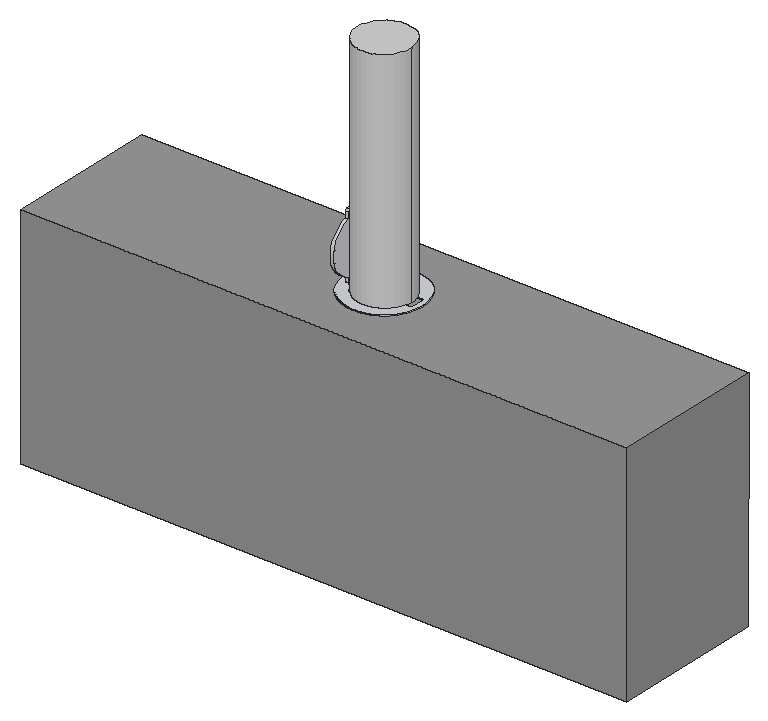
Revit family "Bollard-1_800_Bollards-Low_Speed-Padlock_Removable-CS3", category Site, Revit 2017 (continued)
Definition of nested family "Nested-1_800_Bollards-Low_Speed-Mounting_Detail_Top"
  Dimensions and locks (in)
    plane 1 "Top" to Masking region 13 sketch curve to Masking region 13 sketch curve to Masking region 13 sketch curve to Masking region 13 sketch curve to Masking region 13 sketch curve to Masking region 13 sketch curve to Masking region 13 sketch curve to Masking region 13 sketch curve = 0' - 3.23777" locked, 0' - 0.00835" locked, 0' - 0.45102" locked, 0' - 0.00272" locked, 0' - 9.70087" locked, 0' - 0.37509" locked, 0' - 2.72418" locked, 0' - 0.49957" locked
    plane 1 "Top" to Masking region 14 sketch curve to Masking region 14 sketch curve to Masking region 14 sketch curve to Masking region 14 sketch curve to Masking region 14 sketch curve to Masking region 14 sketch curve to Masking region 14 sketch curve to Masking region 14 sketch curve = 0' - 3.21796" locked, 0' - 0.00423" locked, 0' - 0.47297" locked, 0' - 0.00487" locked, 0' - 10.68622" locked, 0' - 0.38702" locked, 0' - 2.73014" locked, 0' - 0.49943" locked
    Masking region 14 sketch curve to Masking region 14 sketch curve to Masking region 14 sketch curve to Masking region 14 sketch curve to plane 3 "Center (Left/Right)" to Masking region 14 sketch curve to Masking region 14 sketch curve to Masking region 14 sketch curve to Masking region 14 sketch curve = 0' - 0.18398" locked, 2' - 4.2611" locked, 0' - 0.36533" locked, 0' - 4.95918" locked, 0' - 4.95902" locked, 0' - 0.36468" locked, 2' - 4.27195" locked, 0' - 0.18577" locked
    Masking region 15 sketch curve to Masking region 15 sketch curve to Masking region 15 sketch curve to Masking region 15 sketch curve = 0' - 0 1/2" locked, 0' - 0.08728" locked, 0' - 0 1/2" locked
    Masking region 15 sketch curve to Masking region 15 sketch curve to Masking region 15 sketch curve to Masking region 15 sketch curve = 0' - 10" locked, 0' - 7.64359" locked, 0' - 0.35641" locked
    Masking region 16 sketch curve to Masking region 16 sketch curve to Masking region 16 sketch curve to Masking region 16 sketch curve = 0' - 0 1/2" locked, 0' - 0.08728" locked, 0' - 0 1/2" locked
    Masking region 16 sketch curve to Masking region 16 sketch curve to Masking region 16 sketch curve to Masking region 16 sketch curve = 0' - 10" locked, 0' - 7.64359" locked, 0' - 0.35641" locked
    aligned and locked: plane 1 "Top" to Filled region 1 sketch curve
    aligned and locked: plane 1 "Top" to Masking region 1 sketch curve
    aligned and locked: Masking region 1 sketch curve to plane 4 "Bottom"
    aligned and locked: plane 6 "Right" to Masking region 1 sketch curve
    aligned and locked: plane 5 "Left" to Masking region 1 sketch curve
    aligned and locked: plane 5 "Left" to Filled region 1 sketch curve
    aligned and locked: plane 6 "Right" to Filled region 1 sketch curve
    aligned and locked: Filled region 1 sketch curve to plane 4 "Bottom"
  Automatic sketch dimensions
    Masking region 4 sketch curve to Masking region 4 sketch curve = 0' - 0 1/4"
    Masking region 5 sketch curve to Masking region 5 sketch curve = 0' - 0 1/4"
    Masking region 6 sketch curve to Masking region 6 sketch curve = 0' - 0 1/4"
    Masking region 3 sketch curve to Masking region 3 sketch curve = 0' - 0 1/4"
    Masking region 7 sketch curve to Masking region 7 sketch curve = 0' - 0 1/4"
    Masking region 8 sketch curve to Masking region 8 sketch curve = 0' - 0 1/4"
    Masking region 9 sketch curve to Masking region 9 sketch curve = 0' - 0"
    Masking region 10 sketch curve to Masking region 10 sketch curve = 0' - 0.00219"
    Masking region 10 sketch curve to Masking region 10 sketch curve = 0' - 0.00236"
    Masking region 11 sketch curve to Masking region 11 sketch curve = 0' - 0.00027"
    Masking region 11 sketch curve to Masking region 11 sketch curve = 0' - 0.00048"
    Masking region 12 sketch curve to Masking region 12 sketch curve = 0' - 0"
    plane 3 "Center (Left/Right)" to Masking region 13 sketch curve = 0' - 0.00632"
    Masking region 13 sketch curve to Masking region 13 sketch curve = 0' - 0.00236"
    Masking region 14 sketch curve to plane 3 "Center (Left/Right)" = 0' - 0.00041"
    Masking region 14 sketch curve to plane 3 "Center (Left/Right)" = 0' - 0.00014"
    Masking region 15 sketch curve to Masking region 15 sketch curve = 0' - 0 1/4"
    Masking region 16 sketch curve to Masking region 16 sketch curve = 0' - 0 1/4"
Types (3): name | Type Comments | Thickness | Sloped Offset | Foundation Length | Dome Offset | Dome Height | Bollard Radius | Bollard Cap Radius | Assembly Code | 8 in Bollard | 6 in Bollard | 4 in Bollard
  6 in 20 mph | "6 in 20 mph Low Speed Crash Tested Bollard" | 0' - 6 159/256" | 0' - 6 159/256" | 8' - 0" | 0' - 2.91135" | 0' - 1.91135" | 0' - 3.31055" | 0' - 5.15039" | "G2010400" | no | yes | no
  4 in 10 mph | "4 in 10 mph Low Speed Crash Tested Bollard" | 0' - 4 1/2" | 0' - 4 1/2" | 5' - 0" | 0' - 2.29904" | 0' - 1.29904" | 0' - 2 1/4" | 0' - 4 23/256" | "G2010400" | no | no | yes
  8 in 30 mph | "8 in 30 mph Low Speed Crash Tested Bollard" | 0' - 8 159/256" | 0' - 8 159/256" | 8' - 0" | 0' - 3.4887" | 0' - 2.4887" | 0' - 4.31055" | 0' - 6.15039" | "G2020400" | yes | no | no
